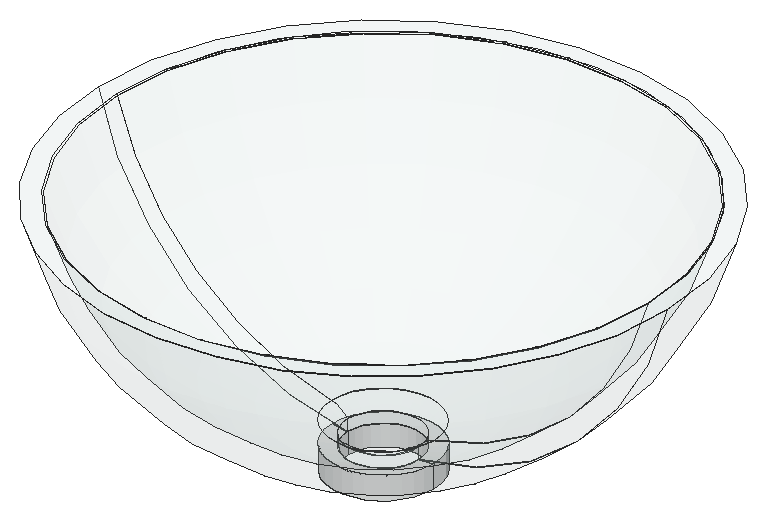
Revit family "Glass Vessel 2", category Plumbing Fixtures, Revit 2012
Parameters (values of type "14" x 14"_Satin Nickel")
  WarrantyStartDate = ""
  WarrantyDuration = 0
  URL = "http://www.kraususa.com/"
  TypeName = 0' - 0"
  TagNumber = 0
  Sink_Mounting Ring Material = Satin Nickel_Solid Brass
  Sink_Mounting Ring = 0' - 0.55604"
  Sink_Installation height = 2' - 4"
  Sink_Dia = Semidiameter * 2  # 1' - 2"
  Sink_Connector installation height = 1' - 6"
  Sink Material = Glass_Green_Tempered glass
  SerialNumber = 0
  Semidiameter = 0' - 7"
  P Drain_material = Satin Nickel_Solid Brass
  Name = "Glass Vessel Bathroom Sink With PU-MR"
  Model = ""
  Manufacturer = "Kraus"
  InstallationDate = ""
  Identifier = ""
  Drain_Tailpiece Length = 0' - 8 5/8"
  Drain_Extension Length = 1' - 0"
  Drain_Cover plate installation = 0' - 0 7/8"
  Description = "Add a touch of elegance to your bathroom with a Kraus clear glass vessel sink. Handcrafted from tempered glass, this modern bathroom sink coordinates with a variety of décor styles. A freestanding basin design creates a dramatic look with contemporary appeal. The smooth, polished surface is beautiful and requires minimal maintenance to keep clean. This versatile sink can be installed above-counter or semi-recessed for all your stylish bathroom ideas."
  Current_version = "1"
  Created_on = "17.02.2015"
  Created_by = "http://bimservice.com.ua/"
  Barcode = 0
  Author = "Viktor Kiselev"
  AssetIdentifier = ""
  Assembly Code = "D2010400"
Types (5): name | Sink_Mounting Ring Material | P Drain_material
  (no name) | Satin Nickel_Solid Brass | Satin Nickel_Solid Brass
  14" x 14"_Satin Nickel | Satin Nickel_Solid Brass | Satin Nickel_Solid Brass
  14" x 14"_Chrome | Chrome_Solid Brass | Chrome_Chrome_Solid Brass
  14" x 14"_Gold | Gold_Solid Brass | Gold_Solid Brass
  14" x 14"_Oil Rubbed Bronze | Oil Rubbed Bronze_Solid Brass | Oil Rubbed Bronze_Solid Brass
Reference planes (in)
  plane 1 "Center (Front/Back)": y = 0
  plane 2: z = 0
  plane 3 "Center (Left/Right)": x = 0
  plane 4: z = 28
  plane 5: x = -7
  plane 6: x = 7
  plane 7: y = -7
  plane 8: y = 7
Forms (in)
  Extrusion 1, solid, material "Glass_Green_Tempered glass"
    sketch origin (0, 0, 10.27541) x (1, 0, 0) y (0, 1, 0)
      loop
        circle (0, 0) r 7
    from 18.17126 to 23.67126
  Revolve 2, void
    sketch origin (0, 0, -6.22459) x (1, 0, 0) y (0, 0, 1)
      loop
        line (-7, 40.17126) -> (-7, 34.67126) -> (0, 34.67126)
        arc (0, 34.67126) -> (-4.45112, 36.21074) -> (-7, 40.17126) r 7.20455
      axis (0, 34.67126) -> (0, 40.17126)
    angle from 0 to 360
  Revolve 3, void
    sketch origin (0, 0, -6.22459) x (1, 0, 0) y (0, 0, 1)
      loop
        arc (-6.51964, 40.14347) -> (-4.5828, 36.96187) -> (-1.25482, 35.28899) r 6.76052
        arc (-1.25482, 35.28899) -> (-1.03694, 35.18503) -> (-0.875, 35.00599) r 0.62251
        line (-0.875, 35.00599) -> (-0.875, 32.67126) -> (0, 32.67126) -> (0, 35.22838) -> (0, 40.17126) -> (-6.55318, 40.17126)
        arc (-6.55318, 40.17126) -> (-6.53244, 40.16216) -> (-6.51964, 40.14347) r 0.04118
      axis (0, 40.17126) -> (0, 32.67126)
    angle from 0 to 360
  Revolve 4, solid, material "Satin Nickel_Solid Brass" <- "Sink_Mounting Ring Material"
    sketch origin (0, 0, -6.24891) x (1, 0, 0) y (0, 0, 1)
      loop
        arc (-0.875, 34.74891) -> (-1.06289, 34.77433) -> (-1.25, 34.80495) r 6.84643
        line (-1.25, 34.80495) -> (-1.25, 34.24891) -> (-0.875, 34.24891) -> (-0.875, 34.74891)
      axis (0, 34.24891) -> (0, 34.80495)
    angle from 0 to 360
Cuts and joins
  Revolve 2, Revolve 3 cuts Extrusion 1
Dimensions and locks (in)
  "Sink_Installation height": plane 4 to level
  locked: Extrusion 1 to Extrusion 1 at 5.5
  locked: Revolve 3 sketch curve to Revolve 3 sketch curve at 0.875
  locked: Revolve 4 sketch curve to Revolve 4 sketch curve at 0.375
  "Sink_Mounting Ring": Revolve 4 to Revolve 4
  locked: cut or joined group of Extrusion 1, Revolve 2, Revolve 3 to plane 4 at 5.94667
  equal spacing: plane 5, plane 3 "Center (Left/Right)", plane 6
  equal spacing: plane 8, plane 1 "Center (Front/Back)", plane 7
  "Sink_Connector installation height": connector elem to level
  "Sink_Dia": plane 5 to plane 6
  "Sink_Dia": plane 7 to plane 8
  "Semidiameter": radius of Extrusion 1 sketch curve
  aligned and locked: level to plane 2
  aligned and locked: plane 4 to Revolve 4
  aligned and locked: plane 5 to Revolve 2 sketch curve
Automatic sketch dimensions
  plane 1 "Center (Front/Back)" to Extrusion 1 sketch curve = 0' - 0"
  Extrusion 1 sketch curve to plane 3 "Center (Left/Right)" = 0' - 0"
  Revolve 2 sketch curve to plane 3 "Center (Left/Right)" = 0' - 0"  (x2)
  Revolve 2 sketch curve to plane 4 = 0' - 0.44667"
  Revolve 2 sketch curve to Revolve 2 sketch curve = 0' - 5 1/2"
  Revolve 2 sketch curve to Revolve 2 sketch curve = 0' - 0.45455"
  Revolve 2 sketch curve to Revolve 2 sketch curve = 0' - 4.79545"
  Revolve 3 sketch curve to plane 3 "Center (Left/Right)" = 0' - 0"  (x3)
  Revolve 3 sketch curve to Revolve 3 sketch curve = 0' - 0.37982"
  Revolve 3 sketch curve to Revolve 3 sketch curve = 0' - 0.53388"
  Revolve 3 sketch curve to Revolve 3 sketch curve = 0' - 0.03354"
  Revolve 3 sketch curve to Revolve 3 sketch curve = 0' - 0.00552"
  Revolve 3 sketch curve to level = 2' - 0.05651"
  plane 4 to Revolve 3 sketch curve = 0' - 1.55333"
  Revolve 3 sketch curve to Revolve 3 sketch curve = 0' - 2.01458"
  Revolve 3 sketch curve to Revolve 3 sketch curve = 0' - 0.32014"
  Revolve 3 sketch curve to Revolve 3 sketch curve = 0' - 0.22239"
  Revolve 3 sketch curve to Revolve 3 sketch curve = 0' - 4.84147"
  Revolve 3 sketch curve to Revolve 3 sketch curve = 0' - 0.01301"
  Revolve 3 sketch curve to Revolve 3 sketch curve = 5' - 10.33739"
  Revolve 4 sketch curve to plane 4 = 0' - 0"
  Revolve 4 sketch curve to plane 3 "Center (Left/Right)" = 0' - 0"
  Revolve 4 sketch curve to plane 3 "Center (Left/Right)" = 0' - 0.05107"
  Revolve 4 sketch curve to plane 4 = 0' - 0 1/2"
  Revolve 4 sketch curve to plane 3 "Center (Left/Right)" = 0' - 0 7/8"
  Revolve 4 sketch curve to Revolve 4 sketch curve = 0' - 0"  (x2)
  Revolve 4 sketch curve to Revolve 4 sketch curve = 0' - 0.05604"
  Revolve 4 sketch curve to Revolve 4 sketch curve = 0' - 0.86904"
  Revolve 4 sketch curve to Revolve 4 sketch curve = 0' - 1.04635"
  Revolve 3 sketch curve to plane 5 = 0' - 0.48036"
Connectors (in)
  piping at (0, -7, 18)
    settings: on plane 7, index 4, connector radius 22.225 mm, flow factor 0, pipe flow 0.0 L/s, pressure drop 0.0 Pa, fitting loss kfactor 0, connector angle 0.00°, fixture units 0, engagement length 0' - 0", flow configuration 0, flow direction 0, fitting loss method 0, system type 19, joint type 0, gender type 0, connector reference index -1, connector utility 0, adjustable connector no, is connector primary yes, fitting loss table "", connector description ""
